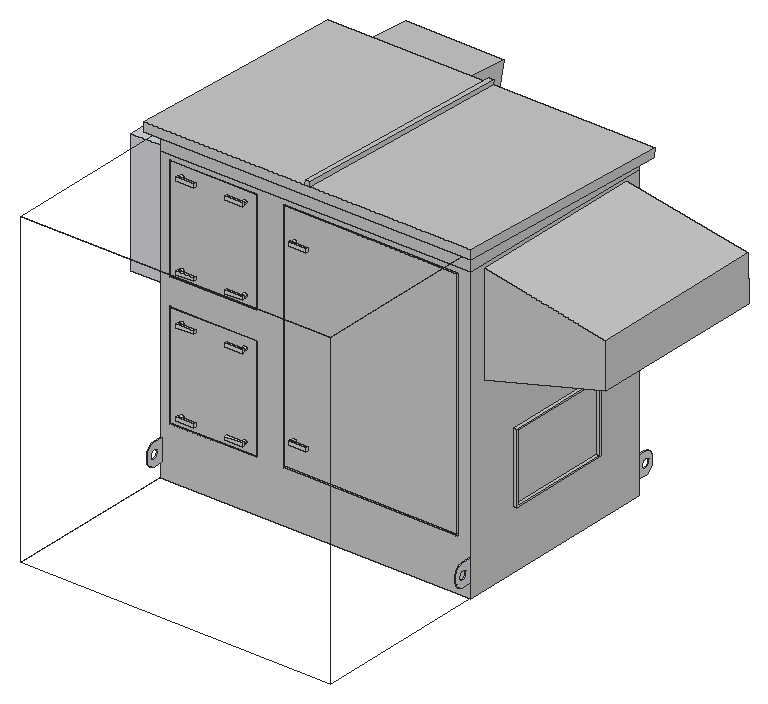
Revit family "DN-2RT-1FP-ERV", category Mechanical Equipment, Revit 2016
Family settings
  Part Type = Normal
  Round Connector Dimension = Use Diameter
  OmniClass Number = 23.75.00.00
  OmniClass Title = Climate Control (HVAC)
  Work Plane-Based = No
  Always vertical = Yes
  Cut with Voids When Loaded = No
  Shared = No
  Room Calculation Point = No
Parameters (values of type "2 @ 1.35 kW ea.")
  Voltage [instance] = "200-277 V"
  Unit Weight Range (lbs) [instance] = "1500-1675 lbs"
  Max. Shipping Weight (lbs) [instance] = "1700-1875 lbs."
  Unit Dimensions (L x W x H) [instance] = "110-1/4\" x 73-1/8\" x 73-1/8\""
  Shipping Dimensions (Lx W x H) [instance] = "100\" x 90\" x 79\""
  Unit [instance] = Renewaire - Galvanized Steel
  URL = "www.renewaire.com"
  Typical Airflow Range = "375-1,650 CFM"
  Standard Features [instance] = "EC Motors for both airstreams, Direct drive backward inclined plenum, Higher ESP of up to 2\" w.g. at 1,500 CFM, Integrated programmable controls, True 100% face and bypass enthalpy based modulating economizer, Class 1 low leakage motorized isolation dampers, 1\" Double wall foam injected 20 gauge galvanized panel construction with R6.5 insulation"
  Service Area Visibility [instance] = yes
  Service Area Box [instance] = Renewaire - Interference
  Revit Object Download Link [instance] = ""
  Phase [instance] = "Single"
  Options [instance] = "Onboard variable frequency drives (VFDs) - both airstreams, Fused disconnect, Spring isolators (VFDs only), 2\" Double wall foam injected 20 gauge galvanized panel construction with R13 insulation, Exterior paint - grey, white, custom color, Salt spray - 2500 hour, BACNET factory activation, GFCI convenience outlet, Recirculation damper, Mist eliminator"
  Number Motors [instance] = "Qty. 2, Direct drive motorized impeller packages"
  Model = "DN-2RT-1FP-ERV"
  Minimum Circuit Amps [instance] = "15.1 A"
  Maximum Overcurrent Protection [instance] = "20 A"
  Manufacturer = "Renewaire LLC"
  Inlets/Outlets [instance] = "OA & RA Inlets: 24\" x 16\", SA Outlet: 24\" x 16\", EA Outlet: 20\" x 16\""
  Frequency [instance] = "50/60 Hz"
  Filters [instance] = "Total qty. 4, MERV 8: 16\" x 20\" x 2\""
  FLA per Motor [instance] = "6.7-4.8"
  Energy Recovery Type [instance] = "Static plate total energy transfer"
  Description = "Energy Recovery Ventilator"
  Accessories [instance] = "Filters - MERV 13, 2\"  and 4\" (shipped loose), MERV 14, 2\" and 4\" (shipped loose), Additional filters available upon request, Roof curb - standard 14\", Hurricane or seismic rated curbs, Curb clip kit, Carbon dioxide sensor/control - wall mount (CO2-W), duct mount (CO2-D), IAQ sensor - wall mount (IAQ-W), duct mount (IAQ-D), Motion occupancy sensor/control - ceiling mount (MC-C), wall mount (MC-W), Smoke detector, Room temperature and humidity sensor, Duct static pressure sensor with display to 10\", without display 0-2\", Room pressure sensor with display to 1\", without display 0-1\", Remote display"
  AHRI 1060 Certified Core [instance] = "One L-62-G5 and one L-125-G5"
Types (7): name | Voltage | Phase | Minimum Circuit Amps | Maximum Overcurrent Protection | FLA per Motor
  (no name) | "200-277 V" | "Single" | "15.1 A" | "20 A" | "6.7-4.8"
  2 @ 1.35 kW ea. | "200-277 V" | "Single" | "15.1 A" | "20 A" | "6.7-4.8"
  2 @ 2.70 kW ea. | "200-240 V" | "Three" | "19.4 A" | "25 A" | "8.6-7.2"
  2 @ 3.70 kW ea. | "380-480 V" | "Three" | "13.5 A" | "15 A" | "6.0-4.6"
  2 @ 3HP ea. 208-230V | "208-230 V" | "Three" | "20.3 A" | "25 A" | "9-8.4/4.2"
  2 @ 3HP ea. 460V | "460V" | "Three" | "9.5 A" | "15 A" | "4.2"
  2 @ 3HP ea. 575V | "575V" | "Three" | "7.4 A" | "15 A" | "3.3"
Reference planes (in)
  plane 1 "Center (Front/Back)": y = 0
  plane 2: z = 0
  plane 3 "Center (Left/Right)": x = 0
  plane 4: y = -24
  plane 5: x = -10.875
Forms (in)
  Extrusion 1, solid, material "Renewaire - Galvanized Steel" <- "Unit"
    sketch origin (0, 0, 0) x (1, 0, 0) y (0, 1, 0)
      loop
        line (-10.875, 23.99995) -> (-10.875, -24) -> (60, -24) -> (60, 23.99995) -> (-10.875, 23.99995)
    from 0 to 66.875
  Extrusion 2, void
    sketch origin (0, 0, 2) x (1, 0, 0) y (0, 0, 1)
      loop
        line (-8.69064, 63.824) -> (-8.69064, 39.82399) -> (11.30935, 39.82399) -> (11.30935, 63.824) -> (-8.69064, 63.824)
      loop
        line (-8.69064, 33.824) -> (-8.69064, 9.824) -> (11.30935, 9.824) -> (11.30935, 33.824) -> (-8.69064, 33.824)
      loop
        line (17.22532, 63.824) -> (17.22532, 9.824) -> (57.22532, 9.824) -> (57.22532, 63.824) -> (17.22532, 63.824)
    from 23 to 25
  Extrusion 3, void
    sketch origin (-0.65477, 0, 0) x (1, 0, 0) y (0, 1, 0)
      loop
        line (-8.22023, 21.99995) -> (-8.22023, -22) -> (57.89381, -22) -> (57.89381, 21.99995) -> (-8.22023, 21.99995)
    from 0 to 8
  Extrusion 4, void
    sketch origin (0, 0, 0) x (1, 0, 0) y (0, 1, 0)
      loop
        line (-3.8125, 19.31352) -> (-3.8125, -4.68648) -> (12.18751, -4.68648) -> (12.18751, 19.31352) -> (-3.8125, 19.31352)
      loop
        line (37.89381, 11.99993) -> (37.89381, -12.00007) -> (53.89381, -12.00007) -> (53.89381, 11.99993) -> (37.89381, 11.99993)
    from 7 to 8.125
  Extrusion 5, solid, material "Renewaire - Galvanized Steel" <- "Unit"
    sketch origin (0, 0, 2) x (0, 1, 0) y (0, 0, 1)
      loop
        line (18.60019, 30.89209) -> (-5.39982, 30.89209) -> (-5.39982, 14.89209) -> (18.60019, 14.89209) -> (18.60019, 30.89209)
      loop
        line (18.35019, 30.64209) -> (-5.14982, 30.64209) -> (-5.14982, 15.14209) -> (18.35019, 15.14209) -> (18.35019, 30.64209)
    from -10.875 to -11.875
  Extrusion 6, solid, material "Renewaire - Galvanized Steel" <- "Unit"
    sketch origin (0, 0, 2) x (0, 1, 0) y (0, 0, 1)
      loop
        line (-12.00006, 27.784) -> (-12.00006, 11.78399) -> (11.99994, 11.78399) -> (11.99994, 27.784) -> (-12.00006, 27.784)
      loop
        line (-11.75006, 27.534) -> (-11.75006, 12.03399) -> (11.74994, 12.03399) -> (11.74994, 27.534) -> (-11.75006, 27.534)
    from 60 to 61
  Extrusion 7, solid, material "Renewaire - Galvanized Steel" <- "Unit"
    sketch origin (0, 0, 2) x (1, 0, 0) y (0, 0, 1)
      loop
        line (17.47532, 63.574) -> (17.47532, 10.324) -> (56.97532, 10.324) -> (56.97532, 63.574) -> (17.47532, 63.574)
      loop
        line (-8.44064, 63.574) -> (-8.44064, 40.07399) -> (11.05935, 40.07399) -> (11.05935, 63.574) -> (-8.44064, 63.574)
      loop
        line (-8.44064, 33.574) -> (-8.44064, 10.074) -> (11.05935, 10.074) -> (11.05935, 33.574) -> (-8.44064, 33.574)
    from 23 to 24
  Extrusion 8, solid, material "Renewaire - Interference" <- "Service Area Box", visible <- "Service Area Visibility"
    sketch origin (0, 0, 0) x (1, 0, 0) y (0, 1, 0)
      loop
        line (-10.875, -24) -> (-10.875, -64) -> (60, -64) -> (60, -24) -> (-10.875, -24)
    from 70.98996 to 0
  Extrusion 9, solid, material "Renewaire - Galvanized Steel" <- "Unit"
    sketch origin (0, 0, 0) x (0, 1, 0) y (0, 0, 1)
      loop
        line (23.99995, 65.37584) -> (23.99995, 47.19321) -> (33.39638, 47.19321) -> (43.03161, 56.49784) -> (44.92004, 63.54557) -> (23.99995, 65.37584)
    from 12.5814 to -9.96261
  Extrusion 10, solid, material "Renewaire - Galvanized Steel" <- "Unit"
    sketch origin (0, 0, 0) x (1, 0, 0) y (0, 0, 1)
      loop
        line (60, 66.14512) -> (60, 43.33282) -> (88.06702, 50.94615) -> (88.06702, 61.19615) -> (60, 66.14512)
    from 20.33014 to -20.26562
  Extrusion 11, solid, material "Renewaire - Galvanized Steel" <- "Unit"
    sketch origin (0, 0, 0) x (0, 1, 0) y (0, 0, 1)
      loop
        line (23.99995, 69.02245) -> (-24, 71.17151) -> (-24, 66.875) -> (23.99995, 66.875) -> (23.99995, 69.02245)
    from 60 to -10.875
  Extrusion 12, solid, material "Renewaire - Galvanized Steel" <- "Unit"
    sketch origin (0, 0, 0) x (0, 1, 0) y (0, 0, 1)
      loop
        line (26.25341, 70.90076) -> (-26.19982, 73.11627) -> (-26.28422, 71.11805) -> (26.16901, 68.90254) -> (26.25341, 70.90076)
    from 61.85788 to -12.875
  Extrusion 13, solid, material "Renewaire - Galvanized Steel" <- "Unit"
    sketch origin (0, 0, 0) x (0, 1, 0) y (0, 0, 1)
      loop
        line (26.25341, 70.90076) -> (26.29557, 71.89898) -> (-26.15766, 74.11449) -> (-26.19982, 73.11627) -> (26.25341, 70.90076)
    from 24 to 25
  Extrusion 14, solid
    sketch origin (0, 0.13859, 0) x (0, 1, 0) y (0, 0, 1)
      loop
        line (3.25, 64.375) -> (-19, 64.375) -> (-19, 36.25) -> (3.25, 36.25) -> (3.25, 64.375)
    from -10.875 to -21.625
Cuts and joins
  Extrusion 2, Extrusion 3, Extrusion 4 cuts Extrusion 1
Dimensions and locks (in)
  aligned and locked: level to plane 2
  aligned and locked: nested 1 to cut or joined group of Extrusion 1, Extrusion 2, Extrusion 3, Extrusion 4
  aligned and locked: Extrusion 8 to Extrusion 11
Nested families (in)
  nested 1: "Lifting Lug" at (-10.625, -24, 3.03309) x (0, -1, 0) z (0, 0, 1), Material <- "Unit", type "Lifting Lug"
    with Material Renewaire - Galvanized Steel
  nested 2: "Lifting Lug" at (59.88692, -24, 3.03309) x (0, -1, 0) z (0, 0, 1), Material <- "Unit", type "Lifting Lug"
    with Material Renewaire - Galvanized Steel
  nested 3: "Handle" at (-5.87814, -24, 33.25) x (-1, 0, 0) z (0, 0, 1), type "Handle"
    with Right Handle no, Left Handle yes, Flip yes
  nested 4: "Handle" at (-5.87814, -24, 14.11338) x (-1, 0, 0) z (0, 0, 1), type "Handle"
    with Right Handle no, Left Handle yes, Flip yes
  nested 5: "Lifting Lug" at (59.88692, 24, 3.03309) x (0, 1, 0) z (0, 0, 1), Material <- "Unit", type "Lifting Lug"
    with Material Renewaire - Galvanized Steel
  nested 6: "Lifting Lug" at (-10.625, 24, 3.03309) x (0, 1, 0) z (0, 0, 1), Material <- "Unit", type "Lifting Lug"
    with Material Renewaire - Galvanized Steel
  nested 7: "Handle" at (8.49685, -24, 33.25), type "Handle"
    with Right Handle no, Left Handle yes, Flip yes
  nested 8: "Handle" at (8.49685, -24, 14.11338), type "Handle"
    with Right Handle no, Left Handle yes, Flip yes
  nested 9: "Handle" at (19.76858, -24, 18.2618) x (-1, 0, 0) z (0, 0, 1), type "Handle"
    with Right Handle no, Left Handle yes, Flip yes
  nested 10: "Handle" at (19.76858, -24, 59.0118) x (-1, 0, 0) z (0, 0, 1), type "Handle"
    with Right Handle no, Left Handle yes, Flip yes
  nested 11: "Handle" at (-5.87814, -24, 63.25) x (-1, 0, 0) z (0, 0, 1), type "Handle"
    with Right Handle no, Left Handle yes, Flip yes
  nested 12: "Handle" at (-5.87814, -24, 44.11337) x (-1, 0, 0) z (0, 0, 1), type "Handle"
    with Right Handle no, Left Handle yes, Flip yes
  nested 13: "Handle" at (8.49685, -24, 63.25), type "Handle"
    with Right Handle no, Left Handle yes, Flip yes
  nested 14: "Handle" at (8.49685, -24, 44.11337), type "Handle"
    with Right Handle no, Left Handle yes, Flip yes
Connectors (in)
  hvac at (61, -0.00006, 21.784)
    settings: on Extrusion 6, index 2, duct flow 0 CFM, flow factor 0, pres drop 0.00 in-wg, loss coef 0, conn angle 0.00°, conn width 24", conn height 16", conn diameter 24", duct sys type 2, conn prof type 1, flow config 0, flow direction 1, loss method 0, conn ref index -1, conn util no, is conn primary yes, conn desc "Return Air (RA)"
  hvac at (-11.875, 6.60018, 24.89209)
    settings: on Extrusion 5, index 6, duct flow 0 CFM, flow factor 0, pres drop 0.00 in-wg, loss coef 0, conn angle 0.00°, conn width 24", conn height 16", conn diameter 24", duct sys type 1, conn prof type 1, flow config 0, flow direction 2, loss method 0, conn ref index -1, conn util no, is conn primary no, conn desc "Supply Air (SA)"
  hvac at (4.1875, 7.31352, 8.125)
    settings: on cut or joined group of Extrusion 1, Extrusion 2, Extrusion 3, Extrusion 4, index 7, duct flow 0 CFM, flow factor 0, pres drop 0.00 in-wg, loss coef 0, conn angle 0.00°, conn width 24", conn height 16", conn diameter 24", duct sys type 1, conn prof type 1, flow config 0, flow direction 2, loss method 0, conn ref index -1, conn util no, is conn primary no, conn desc "Supply Air (SA)"
  hvac at (45.89381, -0.00007, 8)
    settings: on cut or joined group of Extrusion 1, Extrusion 2, Extrusion 3, Extrusion 4, index 8, duct flow 0 CFM, flow factor 0, pres drop 0.00 in-wg, loss coef 0, conn angle 0.00°, conn width 24", conn height 16", conn diameter 24", duct sys type 2, conn prof type 1, flow config 0, flow direction 1, loss method 0, conn ref index -1, conn util no, is conn primary no, conn desc "Return Air (RA)"
Definition of nested family "Lifting Lug"
  Parameters (values of type "Lifting Lug")
    Material [instance] = none
  Reference planes (in)
    plane 1 "Center (Front/Back)": y = 0
    plane 2: z = 0
    plane 3 "Center (Left/Right)": x = 0
  Forms (in)
    Extrusion 1, solid
      sketch origin (0, 0, 0) x (1, 0, 0) y (0, 0, 1)
        loop
          line (0, 0.1875) -> (2, 0.1875)
          arc (2, 0.1875) -> (3.41421, 0.77329) -> (4, 2.1875) r 2
          line (4, 2.1875) -> (4, 3.1875)
          arc (4, 3.1875) -> (3.41421, 4.60171) -> (2, 5.1875) r 2
          line (2, 5.1875) -> (0, 5.1875) -> (0, 0.1875)
        loop
          circle (2.125, 2.6875) r 1
      from 0 to 0.25
  Dimensions and locks (in)
    aligned and locked: plane 2 to level
Definition of nested family "Handle"
  Parameters (values of type "Handle")
    Right Handle [instance] = not(Flip)  # no
    Material = none
    Left Handle [instance] = Flip  # yes
    Flip [instance] = yes
  Reference planes (in)
    plane 1 "Center (Front/Back)": y = 0
    plane 2: z = 0
    plane 3 "Center (Left/Right)": x = 0
  Forms (in)
    Extrusion 1, solid, material <- "Material"
      sketch origin (0, 0, 0) x (1, 0, 0) y (0, 0, 1)
        loop
          circle (0, 0) r 0.375
      from 0 to 0.75
    Extrusion 2, solid, material <- "Material", visible <- "Right Handle"
      sketch origin (0, 0, 0) x (1, 0, 0) y (0, 1, 0)
        loop
          line (-0.375, -0.75) -> (-0.375, -1.25) -> (3.625, -1.25) -> (3.625, -0.75) -> (-0.375, -0.75)
      from -0.375 to 0.375
    Extrusion 3, solid, material <- "Material", visible <- "Left Handle"
      sketch origin (-3.25, 0, 0) x (1, 0, 0) y (0, 1, 0)
        loop
          line (-0.375, -0.75) -> (-0.375, -1.25) -> (3.625, -1.25) -> (3.625, -0.75) -> (-0.375, -0.75)
      from -0.375 to 0.375
  Dimensions and locks (in)
    aligned and locked: plane 2 to level
